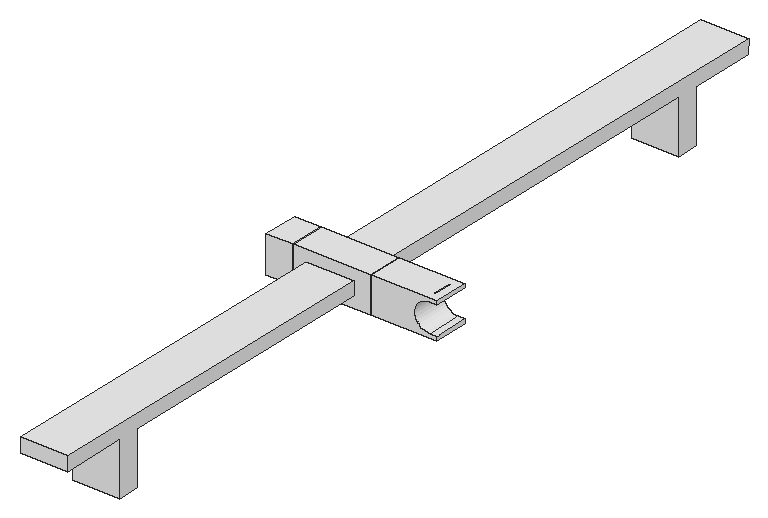
Revit family "xSlide_Bar-American_Standard-Square-1660.230", category Specialty Equipment, host Face, Revit 2014
Parameters (values of type "1660.230")
  Width = 2 1/8"  # constant formula
  Warranty Information = "One Year General Product Warranty"  # constant formula
  URL = "https://www.americanstandard-us.com/"
  Type Comments = ""
  Product Page URL = "https://www.americanstandard-us.com/bathroom/shower-faucets/30-inch-square-slide-bar-23135"
  Product Documentation Link = "https://www.americanstandard-us.com/-/media/sites/asus/files/product-specs/bulk/specsheet1660230.pdf?la=en"
  Price = "Prices may vary. Please consult Manufacturer Representative for most up-to-date price list."  # constant formula
  Model = "1660.230"  # constant formula
  Material = "Brass-American Standard-002-Polished Chrome"
  Manufacturer = "American Standard"  # constant formula
  Length = 6"  # constant formula
  Installation Type = "Wall Mounted"  # constant formula
  Height = 30"  # constant formula
  Finish = Brass-American Standard-002-Polished Chrome
  Description = "30\" Square Slide Bar"
  Default Elevation = 52"  # constant formula
  Creation Date = "01/22/2018"  # constant formula
  Assembly Code = "C1030200"
Reference planes (in)
  plane 1 "Center (Front/Back)": y = 0
  plane 2: z = 0
  plane 3 "Center (Left/Right)": x = 0
  plane 4: y = -15
  plane 5: y = 15
  plane 6: z = 2.125
  plane 7: y = -12.3125
  plane 8: y = 12.3125
  plane 9: z = 2.375
  plane 10: z = 1.875
  plane 11: x = 3.5
  plane 12: x = -2.25
  plane 13: x = 3.75
  plane 14: x = 0.83773
  plane 15: x = -0.83773
  plane 16: y = -52.0625
Forms (in)
  Extrusion 1, solid, material "Brass-American Standard-002-Polished Chrome" <- "Finish"
    sketch origin (0, 0, 0) x (0, 1, 0) y (0, 0, 1)
      loop
        line (15, 2.375) -> (-15, 2.375) -> (-15, 1.875) -> (15, 1.875) -> (15, 2.375)
    from -0.83773 to 0.83773
  Extrusion 2, solid, material "Brass-American Standard-002-Polished Chrome" <- "Finish"
    sketch origin (0, 0, 0) x (0, 1, 0) y (0, 0, 1)
      loop
        line (12.6875, 0) -> (12.6875, 1.875) -> (11.9375, 1.875) -> (11.9375, 0) -> (12.6875, 0)
      loop
        line (-11.9375, 0) -> (-11.9375, 1.875) -> (-12.6875, 1.875) -> (-12.6875, 0) -> (-11.9375, 0)
    from -0.83773 to 0.83773
  Extrusion 3, solid, material "Brass-American Standard-002-Polished Chrome" <- "Finish"
    sketch origin (0, 0, 0) x (0, 1, 0) y (0, 0, 1)
      loop
        line (-1.14012, 1.47968) -> (-1.14012, 2.75234) -> (-2.39012, 2.75234) -> (-2.39012, 1.47968) -> (-1.14012, 1.47968)
    from 1.41835 to 3.75
  Extrusion 4, void
    sketch origin (0, 0, 0) x (1, 0, 0) y (0, 0, 1)
      loop
        line (3.84887, 2.625) -> (3.5, 2.625)
        arc (3.5, 2.625) -> (3, 2.125) -> (3.5, 1.625) r 0.5
        line (3.5, 1.625) -> (3.84887, 1.625) -> (3.84887, 2.625)
    from 1.14012 to 2.39012
  Extrusion 5, solid, material "Brass-American Standard-002-Polished Chrome" <- "Finish"
    sketch origin (0, 0, 0) x (0, 1, 0) y (0, 0, 1)
      loop
        line (-1.14012, 2.75234) -> (-2.39012, 2.75234) -> (-2.39012, 1.47968) -> (-1.14012, 1.47968) -> (-1.14012, 2.75234)
    from -1.32686 to 1.41835
  Extrusion 6, solid, material "Brass-American Standard-002-Polished Chrome" <- "Finish"
    sketch origin (0, 0, 0) x (0, 1, 0) y (0, 0, 1)
      loop
        line (-1.14012, 2.75234) -> (-2.39012, 2.75234) -> (-2.39012, 1.47968) -> (-1.14012, 1.47968) -> (-1.14012, 2.75234)
    from -2.25 to -1.32686
Cuts and joins
  Extrusion 4 cuts Extrusion 3
  joined: Extrusion 1, Extrusion 2, Extrusion 5
Lines and regions (in)
  Masking region 1
    outline origin (0, 0, 0) x (1, 0, 0) y (0, 0, 1)
      loop
        line (3.75, 2.75234) -> (1.41835, 2.75234) -> (-2.25, 2.75234) -> (-2.25, 1.47968) -> (-0.83773, 1.47968) -> (-0.83773, 0) -> (0.83773, 0) -> (0.83773, 1.47968) -> (3.75, 1.47968) -> (3.75, 1.625) -> (3.5, 1.625)
        arc (3.5, 1.625) -> (3, 2.125) -> (3.5, 2.625) r 0.5
        line (3.5, 2.625) -> (3.75, 2.625) -> (3.75, 2.75234)
  symbolic lines, detail levels medium+fine
    curve 1: line (0.83773, 0, 1.47968) -> (0.83773, 0, 2.375)
    curve 2: line (0.83773, 0, 2.375) -> (-0.83773, 0, 2.375)
    curve 3: line (-0.83773, 0, 2.375) -> (-0.83773, 0, 1.47968)
    curve 4: line (0.83773, 0, 1.875) -> (-0.83773, 0, 1.875)
  symbolic lines, detail levels fine
    curve 5: line (1.41835, 0, 2.75234) -> (1.41835, 0, 1.47968)
    curve 6: line (-1.32686, 0, 1.47968) -> (-1.32686, 0, 2.75234)
Dimensions and locks (in)
  plane 8 to plane 7 = 24 5/8"
  "Length": plane 12 to plane 13
  plane 12 to plane 3 "Center (Left/Right)" = 2 1/4"
  plane 3 "Center (Left/Right)" to plane 11 = 3 1/2"
  "Height": plane 4 to plane 5
  plane 7 to plane 8 = 24 5/8"
  "Width": plane 2 to plane 6
  plane 10 to plane 9 = 1/2"
  equal spacing: plane 15, plane 3 "Center (Left/Right)", plane 14
  plane 15 to plane 14 = 1.67547"
  aligned and locked: plane 2 to host face
  aligned and locked: level to host face
Automatic sketch dimensions
  host sketch curve to host sketch curve = 96"  (x2)
  Extrusion 1 sketch curve to plane 4 = 0"
  Extrusion 1 sketch curve to plane 5 = 0"
  plane 10 to Extrusion 1 sketch curve = 0"
  plane 9 to Extrusion 1 sketch curve = 0"
  Extrusion 2 sketch curve to level = 0"  (x2)
  plane 10 to Extrusion 2 sketch curve = 0"  (x2)
  plane 7 to Extrusion 2 sketch curve = 3/8"
  Extrusion 2 sketch curve to plane 7 = 3/8"
  plane 8 to Extrusion 2 sketch curve = 3/8"
  Extrusion 2 sketch curve to plane 8 = 3/8"
  plane 10 to Extrusion 3 sketch curve = 0.39532"
  plane 1 "Center (Front/Back)" to Extrusion 3 sketch curve = 2.39012"
  Extrusion 3 sketch curve to plane 9 = 0.37734"
  plane 1 "Center (Front/Back)" to Extrusion 3 sketch curve = 1.14012"
  Extrusion 4 sketch curve to plane 11 = 0"
  Extrusion 4 sketch curve to plane 6 = 0"
  plane 13 to Extrusion 4 sketch curve = 0.09887"
  Extrusion 4 sketch curve to plane 9 = 1/4"
  Extrusion 5 sketch curve to plane 9 = 0.37734"
  plane 1 "Center (Front/Back)" to Extrusion 5 sketch curve = 2.39012"
  plane 1 "Center (Front/Back)" to Extrusion 5 sketch curve = 1.14012"
  plane 10 to Extrusion 5 sketch curve = 0.39532"
  Extrusion 6 sketch curve to plane 9 = 0.37734"
  plane 1 "Center (Front/Back)" to Extrusion 6 sketch curve = 2.39012"
  plane 1 "Center (Front/Back)" to Extrusion 6 sketch curve = 1.14012"
  plane 10 to Extrusion 6 sketch curve = 0.39532"
  Masking region 1 sketch curve to plane 12 = 0"
  plane 15 to Masking region 1 sketch curve = 0"
  Masking region 1 sketch curve to plane 6 = 0"
  Masking region 1 sketch curve to plane 11 = 0"
  Masking region 1 sketch curve to plane 13 = 0"  (x2)
  plane 14 to Masking region 1 sketch curve = 0.58061"
  plane 10 to Masking region 1 sketch curve = 0.39532"  (x2)
  Masking region 1 sketch curve to Masking region 1 sketch curve = 0.14532"
  Masking region 1 sketch curve to plane 9 = 0.37734"
  plane 14 to Masking region 1 sketch curve = 0"
  Masking region 1 sketch curve to level = 0"
  curve 2 to plane 9 = 0"
  plane 15 to curve 2 = 0"
  curve 4 to plane 10 = 0"
  curve 4 to plane 14 = 0"
  plane 15 to curve 6 = 0.48913"
  plane 14 to curve 5 = 0.58061"
  plane 10 to curve 1 = 0.39532"
  plane 10 to curve 3 = 0.39532"
  plane 10 to curve 5 = 0.39532"
  plane 10 to curve 6 = 0.39532"
  curve 6 to plane 9 = 0.37734"
  curve 5 to plane 9 = 0.37734"
